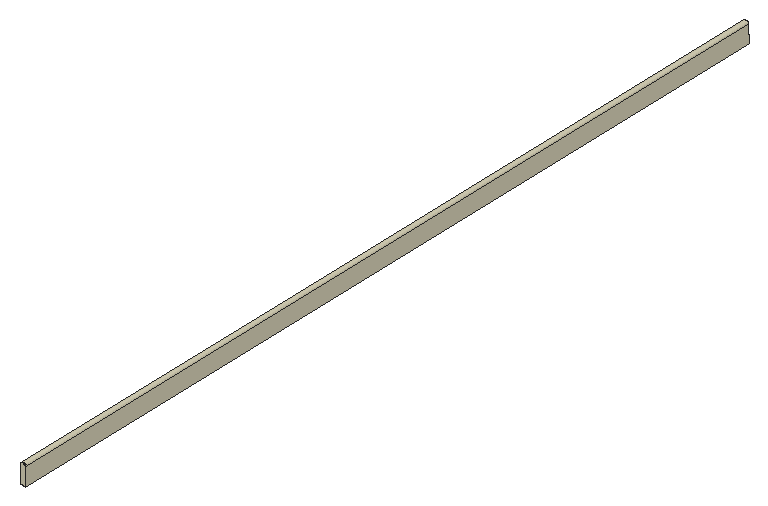
Revit family "COS", category Specialty Equipment, host Face, Revit 2019
Family settings
  Host = Face
  Round Connector Dimension = Use Diameter
  Part Type = Normal
  Cut with Voids When Loaded = No
  Shared = No
  Room Calculation Point = No
Parameters (values of type "COS - .5 inches")
  Width = 0' - 0 1/2"
  URL = "http://www.emseal.com/"
  Type Image = COS.png
  Triple Bellow = no
  Tensile Strength (ASTM D3574) = "18 psi min; 145 kPa"
  Temperature Range (ASTM C711) = "185°F (85°C) to -40°F (-40°C)"
  Staining (ASTM C510) = "None"
  Single Bellow = yes
  Seal Material Note = "Seismic Colorseal is coated on the wall side with standard Sikasil WS-295 water-resistant silicone"
  Seal Material [instance] = Silicone - Sikasil WS-295 Beige
  Rate of Air Leakage (ASTM E283) = "Passed"
  R Value Range (ASTM C518) = "2.1 per 1-inch (25mm) depth"
  Quint Bellow = no
  Quad Bellow = no
  Product Page URL = "https://bit.ly/2WS3vxo\r\nhttps://bit.ly/3am8kTQ\r\nhttps://bit.ly/3am8kTQ\r\nhttps://bit.ly/3am8kTQ"
  Product Documentation URL = "https://bit.ly/33NPa6D"
  Product Data URL = "https://bit.ly/33NPa6D"
  Pick Resistance = no
  Movement (of Nominal Material Size) = "+50% / -50%"
  Model = "Seismic Colorseal"
  Manufacturer = "EMSEAL Joint Systems Ltd"
  Length [instance] = 6' - 6 23/32"
  Hex Bellow Radius [instance] = Calc Width Hex / 12  # 0' - 0.29264"
  Hex Bellow Depth [instance] = Depth - Hex Bellow Radius  # 0' - 1.45736"
  Hex Bellow = no
  Durometer Hardness of Silicone Coating (ASTM D2240) = "Shore A: 25"
  Description = "Watertight vertical-application expansion joint for walls."
  Depth = 0' - 1 3/4"
  Default Elevation = 0' - 0"
  Calc Width Triple [instance] = if(or(Width > 0' 3 131/256", Width < 0' 1 125/256"), 0' 1 1/2", Width)  # 0' - 1 1/2"
  Calc Width Single [instance] = if(Width > 0' 1 67/256", 0' 1 67/256", Width)  # 0' - 0 1/2"
  Calc Width Quint [instance] = if(or(Width > 0' 8 3/256", Width < 0' 4 71/256"), 0' 4 71/256", Width)  # 0' - 4 71/256"
  Calc Width Quad [instance] = if(or(Width > 0' 4 3/256", Width < 0' 3 131/256"), 0' 3 131/256", Width)  # 0' - 3 131/256"
  Quint Bellow Radius [instance] = Calc Width Quint / 10  # 0' - 0.42773"
  Calc Width Hex [instance] = if(or(Width > 0' 10 3/256", Width < 0' 8 71/256"), 0' 3 131/256", Width)  # 0' - 3 131/256"
  Quint Bellow Depth [instance] = Depth - Quint Bellow Radius  # 0' - 1.32227"
  Assembly Code = "C3020200"
  ABAA Compliance = yes
Reference planes (in)
  plane 1 "Center (Front/Back)": y = 0
  plane 2: z = 0
  plane 3 "Center (Left/Right)": x = 0
  plane 4 "Width 1": x = -0.25
  plane 5 "Width 2": x = 0.25
  plane 6: y = 39.35937
  plane 7: y = -39.35938
  plane 8: z = -1.75
  plane 9 "Quad Width 1": x = -1.75586
  plane 10: x = -0.87793
  plane 11: x = 0.87793
  plane 12 "Quad Width 2": x = 1.75586
  plane 13 "Triple Width 1": x = -0.75
  plane 14 "Triple Width 2": x = 0.75
  plane 15: x = 0.25
  plane 16: x = -0.25
  plane 17 "Single Width 1": x = -0.25
  plane 18 "Single Width 2": x = 0.25
  plane 19 "Expansion Line": z = 0.03125
  plane 20 "Quint Width 1": x = -2.13867
  plane 21 "Quint Width 2": x = 2.13867
  plane 22: x = -1.2832
  plane 23: x = -0.42773
  plane 24: x = 0.42773
  plane 25: x = 1.2832
  plane 26: z = -0.42773
  plane 27: z = -0.29264
  plane 28 "Hex Width 1": x = -1.75586
  plane 29 "Hex Width 2": x = 1.75586
  plane 30: x = 1.17057
  plane 31: x = 0.58529
  plane 32 "Hex Center": x = 0
  plane 33: x = -1.17057
  plane 34: x = -0.58529
Forms (in)
  Extrusion 1, void
    sketch origin (0, 0, 0) x (1, 0, 0) y (0, 1, 0)
      loop
        line (-0.25, -39.35938) -> (0.25, -39.35938) -> (0.25, 39.35937) -> (-0.25, 39.35937) -> (-0.25, -39.35938)
    from 0 to -30
  Extrusion 2, solid, detail levels coarse
    sketch origin (0, 0, 0) x (1, 0, 0) y (0, 1, 0)
      loop
        line (-0.25, 39.35937) -> (-0.25, -39.35938) -> (0.25, -39.35938) -> (0.25, 39.35937) -> (-0.25, 39.35937)
    from 0 to -1.75
  Extrusion 3, solid, material "Silicone - Sikasil WS-295 Beige" <- "Seal Material", visible <- "Quad Bellow", detail levels medium+fine
    sketch origin (0, 0, 0) x (1, 0, 0) y (0, 0, 1)
      loop
        line (-1.75586, -1.75) -> (1.75586, -1.75) -> (1.75586, -0.43896)
        arc (1.75586, -0.43896) -> (1.31689, 0) -> (0.87793, -0.43896) r 0.43896
        arc (0.87793, -0.43896) -> (0.43896, 0) -> (0, -0.43896) r 0.43896
        arc (0, -0.43896) -> (-0.43896, 0) -> (-0.87793, -0.43896) r 0.43896
        arc (-0.87793, -0.43896) -> (-1.31689, 0) -> (-1.75586, -0.43896) r 0.43896
        line (-1.75586, -0.43896) -> (-1.75586, -1.75)
    from 39.35938 to -39.35937
  Extrusion 4, solid, material "Silicone - Sikasil WS-295 Beige" <- "Seal Material", visible <- "Triple Bellow"
    sketch origin (0, 0, 0) x (1, 0, 0) y (0, 0, 1)
      loop
        line (-0.75, -1.75) -> (0.75, -1.75) -> (0.75, -0.25)
        arc (0.75, -0.25) -> (0.5, 0) -> (0.25, -0.25) r 0.25
        arc (0.25, -0.25) -> (0, 0) -> (-0.25, -0.25) r 0.25
        arc (-0.25, -0.25) -> (-0.5, 0) -> (-0.75, -0.25) r 0.25
        line (-0.75, -0.25) -> (-0.75, -1.75)
    from 39.35938 to -39.35937
  Extrusion 5, solid, material "Silicone - Sikasil WS-295 Beige" <- "Seal Material", visible <- "Single Bellow"
    sketch origin (0, 0, 0) x (1, 0, 0) y (0, 0, 1)
      loop
        line (-0.25, -1.75) -> (0.25, -1.75) -> (0.25, -0.25)
        arc (0.25, -0.25) -> (0, 0) -> (-0.25, -0.25) r 0.25
        line (-0.25, -0.25) -> (-0.25, -1.75)
    from 39.35938 to -39.35937
  Extrusion 6, solid, material "Silicone - Sikasil WS-295 Beige" <- "Seal Material", visible <- "Quint Bellow"
    sketch origin (0, 0, 0) x (1, 0, 0) y (0, 0, 1)
      loop
        line (-2.13867, -1.75) -> (2.13867, -1.75) -> (2.13867, -0.42773)
        arc (2.13867, -0.42773) -> (1.71094, 0) -> (1.2832, -0.42773) r 0.42773
        arc (1.2832, -0.42773) -> (0.85547, 0) -> (0.42773, -0.42773) r 0.42773
        arc (0.42773, -0.42773) -> (0, 0) -> (-0.42773, -0.42773) r 0.42773
        arc (-0.42773, -0.42773) -> (-0.85547, 0) -> (-1.2832, -0.42773) r 0.42773
        arc (-1.2832, -0.42773) -> (-1.71094, 0) -> (-2.13867, -0.42773) r 0.42773
        line (-2.13867, -0.42773) -> (-2.13867, -1.75)
    from 39.35938 to -39.35937
  Extrusion 7, solid, material "Silicone - Sikasil WS-295 Beige" <- "Seal Material", visible <- "Hex Bellow"
    sketch origin (0, 0, 0) x (1, 0, 0) y (0, 0, 1)
      loop
        line (-1.75586, -1.75) -> (1.75586, -1.75) -> (1.75586, -0.29264)
        arc (1.75586, -0.29264) -> (1.46322, 0) -> (1.17057, -0.29264) r 0.29264
        arc (1.17057, -0.29264) -> (0.87793, 0) -> (0.58529, -0.29264) r 0.29264
        arc (0.58529, -0.29264) -> (0.29264, 0) -> (0, -0.29264) r 0.29264
        arc (0, -0.29264) -> (-0.29264, 0) -> (-0.58529, -0.29264) r 0.29264
        arc (-0.58529, -0.29264) -> (-0.87793, 0) -> (-1.17057, -0.29264) r 0.29264
        arc (-1.17057, -0.29264) -> (-1.46322, 0) -> (-1.75586, -0.29264) r 0.29264
        line (-1.75586, -0.29264) -> (-1.75586, -1.75)
    from 39.35938 to -39.35937
Lines and regions (in)
  model lines, style "Expansion Graphic"
    curve 1: line (0, 39.35937, 0.03125) -> (0, -39.35938, 0.03125)
Dimensions and locks (in)
  "Width": plane 4 "Width 1" to plane 5 "Width 2"
  equal spacing: plane 4 "Width 1", plane 3 "Center (Left/Right)", plane 5 "Width 2"
  equal spacing: plane 6, plane 1 "Center (Front/Back)", plane 7
  "Length": plane 6 to plane 7
  "Depth": plane 2 to plane 8
  equal spacing: plane 12 "Quad Width 2", plane 11, plane 3 "Center (Left/Right)", plane 10, plane 9 "Quad Width 1"
  "Calc Width Quad": plane 12 "Quad Width 2" to plane 9 "Quad Width 1"
  locked: plane 2 to Extrusion 3 sketch curve at 0
  equal spacing: plane 13 "Triple Width 1", plane 16, plane 15, plane 14 "Triple Width 2"
  "Calc Width Triple": plane 13 "Triple Width 1" to plane 14 "Triple Width 2"
  equal spacing: plane 13 "Triple Width 1", plane 3 "Center (Left/Right)", plane 14 "Triple Width 2"
  locked: plane 2 to Extrusion 4 sketch curve at 0
  equal spacing: plane 17 "Single Width 1", plane 3 "Center (Left/Right)", plane 18 "Single Width 2"
  "Calc Width Single": plane 17 "Single Width 1" to plane 18 "Single Width 2"
  locked: plane 2 to Extrusion 5 sketch curve at 0
  locked: plane 19 "Expansion Line" to level at 0.03125
  level to Extrusion 3 = 0' - 1 3/4"
  equal spacing: plane 21 "Quint Width 2", plane 3 "Center (Left/Right)", plane 20 "Quint Width 1"
  "Calc Width Quint": plane 21 "Quint Width 2" to plane 20 "Quint Width 1"
  equal spacing: plane 21 "Quint Width 2", plane 25, plane 24, plane 23, plane 22, plane 20 "Quint Width 1"
  "Quint Bellow Depth": plane 26 to plane 8
  "Calc Width Hex": plane 29 "Hex Width 2" to plane 28 "Hex Width 1"
  equal spacing: plane 29 "Hex Width 2", plane 3 "Center (Left/Right)", plane 28 "Hex Width 1"
  plane 29 "Hex Width 2" to plane 32 "Hex Center" to plane 28 "Hex Width 1" = 0' - 1.75586", 0' - 1.75586"
  "Hex Bellow Depth": plane 27 to plane 8
  equal spacing: plane 29 "Hex Width 2", plane 30, plane 31, plane 32 "Hex Center", plane 34, plane 33, plane 28 "Hex Width 1"
  aligned and locked: plane 2 to host face
  aligned and locked: level to host face
  aligned and locked: Extrusion 1 sketch curve to plane 7
  aligned and locked: Extrusion 1 sketch curve to plane 4 "Width 1"
  aligned and locked: plane 6 to Extrusion 1 sketch curve
  aligned and locked: plane 5 "Width 2" to Extrusion 1 sketch curve
  aligned and locked: Extrusion 2 sketch curve to plane 6
  aligned and locked: plane 4 "Width 1" to Extrusion 2 sketch curve
  aligned and locked: plane 7 to Extrusion 2 sketch curve
  aligned and locked: Extrusion 2 sketch curve to plane 5 "Width 2"
  aligned and locked: Extrusion 2 to plane 8
  aligned and locked: level to Extrusion 2
  aligned and locked: Extrusion 3 sketch curve to plane 9 "Quad Width 1"
  aligned and locked: plane 12 "Quad Width 2" to Extrusion 3 sketch curve
  aligned and locked: Extrusion 3 sketch curve to plane 8
  aligned and locked: plane 6 to Extrusion 3
  aligned and locked: Extrusion 3 to plane 7
  aligned and locked: plane 13 "Triple Width 1" to Extrusion 4 sketch curve
  aligned and locked: Extrusion 4 sketch curve to plane 14 "Triple Width 2"
  aligned and locked: Extrusion 4 sketch curve to plane 8
  aligned and locked: Extrusion 4 to plane 7
  aligned and locked: plane 6 to Extrusion 4
  aligned and locked: plane 17 "Single Width 1" to Extrusion 5 sketch curve
  aligned and locked: Extrusion 5 sketch curve to plane 18 "Single Width 2"
  aligned and locked: Extrusion 5 sketch curve to plane 8
  aligned and locked: Extrusion 5 to plane 7
  aligned and locked: plane 6 to Extrusion 5
  aligned and locked: curve 1 to plane 3 "Center (Left/Right)"
  aligned and locked: plane 6 to curve 1
  aligned and locked: plane 7 to curve 1
  aligned and locked: Extrusion 6 sketch curve to plane 8
  aligned and locked: plane 6 to Extrusion 6
  aligned and locked: Extrusion 6 to plane 7
  aligned and locked: plane 26 to Extrusion 6 sketch curve  (x9)
  aligned and locked: plane 21 "Quint Width 2" to Extrusion 6 sketch curve
  aligned and locked: plane 22 to Extrusion 6 sketch curve  (x2)
  aligned and locked: plane 25 to Extrusion 6 sketch curve
  aligned and locked: plane 24 to Extrusion 6 sketch curve
  aligned and locked: Extrusion 6 sketch curve to plane 20 "Quint Width 1"
  aligned and locked: Extrusion 7 sketch curve to plane 8
  aligned and locked: Extrusion 7 to plane 28 "Hex Width 1"
  aligned and locked: plane 29 "Hex Width 2" to Extrusion 7
  aligned and locked: Extrusion 7 to plane 7
  aligned and locked: plane 6 to Extrusion 7
  aligned and locked: plane 30 to Extrusion 7 sketch curve  (x2)
  aligned and locked: plane 31 to Extrusion 7 sketch curve  (x2)
  aligned and locked: plane 3 "Center (Left/Right)" to Extrusion 7 sketch curve
  aligned and locked: plane 33 to Extrusion 7 sketch curve  (x2)
  aligned and locked: plane 34 to Extrusion 7 sketch curve  (x2)
  aligned and locked: plane 32 "Hex Center" to Extrusion 7 sketch curve
  aligned and locked: plane 27 to Extrusion 7 sketch curve  (x9)
Automatic sketch dimensions
  host sketch curve to host sketch curve = 8' - 0"  (x2)
  Extrusion 3 sketch curve to plane 10 = 0' - 0"  (x2)
  Extrusion 3 sketch curve to plane 3 "Center (Left/Right)" = 0' - 0"  (x2)
  Extrusion 3 sketch curve to plane 11 = 0' - 0"  (x2)
  plane 16 to Extrusion 4 sketch curve = 0' - 0"  (x2)
  Extrusion 4 sketch curve to plane 3 "Center (Left/Right)" = 0' - 0"
  plane 15 to Extrusion 4 sketch curve = 0' - 0"
  Extrusion 6 sketch curve to plane 23 = 0' - 0"  (x2)
  Extrusion 6 sketch curve to plane 24 = 0' - 0"
  Extrusion 6 sketch curve to plane 25 = 0' - 0"
  Extrusion 7 sketch curve to plane 28 "Hex Width 1" = 0' - 0"
  Extrusion 7 sketch curve to plane 29 "Hex Width 2" = 0' - 0"
Types in the file's own list only (30): name | Width | Triple Bellow | Single Bellow | Quint Bellow | Quad Bellow | Hex Bellow | Depth | Default Elevation
  COS - .75 inches | 3/4" | No | Yes | No | No | No | 1 3/4" | 0"
  COS - 1 inches | 1" | No | Yes | No | No | No | 1 3/4" | 0"
  COS - 1.25 inches | 1 1/4" | No | Yes | No | No | No | 1 3/4" | 0"
  COS - 1.5 inches | 1 1/2" | Yes | No | No | No | No | 2 1/4" | 0"
  COS - 1.75 inches | 1 3/4" | Yes | No | No | No | No | 2 1/2" | 0"
  COS - 2 inches | 2" | Yes | No | No | No | No | 2 1/2" | 0"
  COS - 2.25 inches | 2 1/2" | Yes | No | No | No | No | 2 1/2" | 0"
  COS - 2.5inches | 2 1/2" | Yes | No | No | No | No | 2 3/4" | 0"
  COS - 2.75 inches | 2 3/4" | Yes | No | No | No | No | 3" | 0"
  COS - 3 inches | 3" | Yes | No | No | No | No | 3 1/2" | 0"
  COS - 3.25 inches | 3 1/4" | No | No | No | Yes | No | 3 3/4" | 0"
  COS - 3.5 inches | 3 1/2" | No | No | No | Yes | No | 3 3/4" | 0"
  COS - 3.75 inches | 3 3/4" | No | No | No | Yes | No | 4 1/4" | 0"
  COS - 4 inches | 4" | No | No | No | Yes | No | 4 1/2" | 0"
  COS - 4.25 inches | 4 1/4" | No | No | Yes | No | No | 4 1/2" | 0"
  COS - 4.5 inches | 4 1/2" | No | No | Yes | No | No | 5" | 0"
  COS - 4.75 inches | 4 3/4" | No | No | Yes | No | No | 5 1/4" | 0"
  COS - 5 inches | 5" | No | No | Yes | No | No | 5 1/2" | 0"
  COS - 5.25 inches | 5 1/4" | No | No | Yes | No | No | 5 3/4" | 0"
  COS - 5.5 inches | 5 1/2" | No | No | Yes | No | No | 5 3/4" | 0"
  COS - 5.75 inches | 5 3/4" | No | No | Yes | No | No | 5 3/4" | 0"
  COS - 6 inches | 6" | No | No | Yes | No | No | 6" | 0"
  COS - 6.5 inches | 6 1/2" | No | No | Yes | No | No | 6 1/2" | 0"
  COS - 7 inches | 7" | No | No | Yes | No | No | 7" | 0"
  COS - 7.5 inches | 7 1/2" | No | No | Yes | No | No | 7 1/2" | 0"
  COS - 8 inches | 8" | No | No | Yes | No | No | 8" | 0"
  COS - 8.5 inches | 8 1/2" | No | No | No | No | Yes | 8" | 0"
  COS - 9 inches | 9" | No | No | No | No | Yes | 8" | 0"
  COS - 9.5 inches | 9 1/2" | No | No | No | No | Yes | 8" | 0"
  COS - 10 inches | 10" | No | No | No | No | Yes | 8" | 0"
